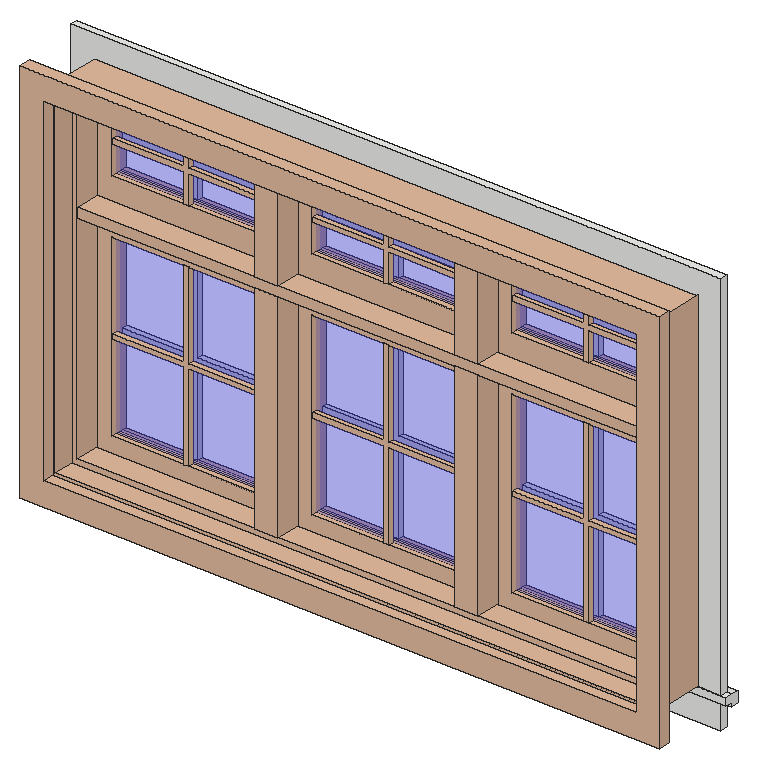
Revit family "M_Janela-batente-triplo-toldo-triplo", category Janelas, Revit 2019 (continued)
Definition of nested family "M_Moldura-janela-interior-plana"
  Dimensions and locks
    aligned and locked: plane 16 to Extrusion 4 sketch curve
    aligned and locked: plane 9 to Extrusion 4 sketch curve
    aligned and locked: Extrusion 2 sketch curve to plane 4
    aligned and locked: Extrusion 5 sketch curve to plane 4
    aligned and locked: Extrusion 5 sketch curve to plane 17
    aligned and locked: plane 10 to Extrusion 5 sketch curve
    aligned and locked: Extrusion 5 sketch curve to plane 11
    aligned and locked: plane 13 to Extrusion 5
    aligned and locked: Extrusion 5 sketch curve to plane 20
    aligned and locked: Extrusion 5 sketch curve to plane 19
    aligned and locked: Extrusion 5 sketch curve to plane 21
    aligned and locked: plane 22 to Extrusion 5 sketch curve
    aligned and locked: Extrusion 4 to plane 24
    aligned and locked: plane 11 to Extrusion 3
    aligned and locked: Extrusion 3 to plane 10
    aligned and locked: Extrusion 2 sketch curve to plane 21
    aligned and locked: Extrusion 2 sketch curve to plane 24
    aligned and locked: Extrusion 2 sketch curve to plane 19
    aligned and locked: Extrusion 2 sketch curve to plane 23
    aligned and locked: plane 12 to Extrusion 4
  Automatic sketch dimensions
    Extrusion 1 sketch curve to Extrusion 1 sketch curve = 698.5 mm
    Extrusion 1 sketch curve to Extrusion 1 sketch curve = 1003.3 mm
    Extrusion 3 sketch curve to plane 16 = 0 mm
    Extrusion 4 sketch curve to plane 11 = 12.7 mm
    Extrusion 4 sketch curve to plane 24 = 0 mm
Definition of nested family "M_Plano-Batente"
  Parameters (values of type "M_Plano-Batente")
    Janela aplicada [instance] = 25 mm
    Janela aplicada de 3D [instance] = if(Janela aplicada - 12.7 mm < 0 mm, 0 mm, if(Janela aplicada - 12.7 mm < Espessura da parede - 88.9 mm, Janela aplicada - 12.7 mm, Espessura da parede - 88.9 mm))  # 12.3 mm
    Width [instance] = 1200 mm
    Espessura da parede [instance] = 150 mm
    Linha superior [instance] = yes
    Linha à direita [instance] = yes
    RH [instance] = yes
    Linha à esquerda [instance] = yes
    LH [instance] = yes
    Height [instance] = 900 mm
    Default Elevation = 1200 mm
    Linha inferior [instance] = yes
    Analytic Construction = "<Nenhum>"
  Reference planes
    plane 1 "Centro (Frente/Trás)": y = 0
    plane 2: z = 0
    plane 3 "Centro (Esquerda/Direita)": x = 0
    plane 4: x = -600
    plane 5: x = 600
    plane 6 "Umbral": y = -101.2
    plane 7: x = -587.3
    plane 8: x = -568.25
    plane 9: y = -12.3
    plane 10: y = -56.75
    plane 11: y = -34.525
    plane 12: x = -530.15
    plane 13: x = 587.3
    plane 14: x = 568.25
    plane 15: x = 530.15
    plane 16 "Janela aplicada": y = -25
    plane 17 "Parede": y = -150
    plane 18: z = 900
    plane 19: z = 887.3
    plane 20: z = 12.7
    plane 21: z = 868.25
    plane 22: z = 31.75
    plane 23: z = 830.15
    plane 24: z = 69.85
  Lines and regions (mm)
    Masking region 1
      outline origin (0, 19.05, 0) x (1, 0, 0) y (0, 1, 0)
        loop
          line (-600, -19.05) -> (-600, -169.05) -> (600, -169.05) -> (600, -19.05) -> (-600, -19.05)
    Masking region 2
      outline origin (0, 0, 0) x (0, 1, 0) y (0, 0, 1)
        loop
          line (0, 900) -> (-150, 900) -> (-150, 0) -> (0, 0) -> (0, 900)
    symbolic lines
      curve 1: line (-587.3, -56.75, 0) -> (-568.25, -56.75, 0)
      curve 2: line (-568.25, -56.75, 0) -> (-568.25, -101.2, 0)
      curve 3: line (-587.3, -12.3, 0) -> (-587.3, -56.75, 0)
      curve 4: line (-530.15, -12.3, 0) -> (-530.15, -56.75, 0)
      curve 5: line (-530.15, -56.75, 0) -> (-568.25, -56.75, 0)
      curve 6: line (-530.15, -34.525, 0) -> (530.15, -34.525, 0)
      curve 7: line (587.3, -56.75, 0) -> (568.25, -56.75, 0)
      curve 8: line (568.25, -56.75, 0) -> (568.25, -101.2, 0)
      curve 9: line (587.3, -12.3, 0) -> (587.3, -56.75, 0)
      curve 10: line (530.15, -12.3, 0) -> (530.15, -56.75, 0)
      curve 11: line (530.15, -56.75, 0) -> (568.25, -56.75, 0)
      curve 14: line (-600, -101.2, 0) -> (-568.25, -101.2, 0)
      curve 15: line (568.25, -101.2, 0) -> (600, -101.2, 0)
      curve 16: line (568.25, -101.2, 0) -> (-568.25, -101.2, 0)
      curve 17: line (0, -12.3, 887.3) -> (0, -56.75, 887.3)
      curve 18: line (0, -56.75, 868.25) -> (0, -101.2, 868.25)
      curve 19: line (0, -12.3, 12.7) -> (0, -56.75, 12.7)
      curve 20: line (0, -56.75, 12.7) -> (0, -56.75, 69.85)
      curve 21: line (0, -56.75, 31.75) -> (0, -101.2, 31.75)
      curve 22: line (0, -12.3, 900) -> (0, -12.3, 830.15)
      curve 23: line (0, -12.3, 830.15) -> (0, -56.75, 830.15)
      curve 24: line (0, -56.75, 69.85) -> (0, -12.3, 69.85)
      curve 25: line (0, -34.525, 69.85) -> (0, -34.525, 830.15)
      curve 28: line (0, -56.75, 887.3) -> (0, -56.75, 830.15)
      curve 29: line (530.15, -12.3, 0) -> (600, -12.3, 0)
      curve 30: line (-530.15, -12.3, 0) -> (-600, -12.3, 0)
      curve 31: line (0, -12.3, 69.85) -> (0, -12.3, 0)
      curve 32: line (-530.15, -12.3, 0) -> (530.15, -12.3, 0)
      curve 33: line (0, -12.3, 830.15) -> (0, -12.3, 69.85)
      curve 38: line (0, -101.2, 31.75) -> (0, -101.2, 868.25)
      curve 39: line (0, -101.2, 31.75) -> (0, -101.2, 0)
      curve 40: line (0, -101.2, 900) -> (0, -101.2, 868.25)
    symbolic lines, visible <- "RH"
      curve 12: arc (-587.3, -12.3, 0) -> (-497.889, 437.2, 0) -> (-243.268, 818.268, 0) r 1174.6
      curve 26: line (587.3, -12.3, 0) -> (-243.268, 818.268, 0)
    symbolic lines, visible <- "LH"
      curve 13: line (-587.3, -12.3, 0) -> (243.268, 818.268, 0)
      curve 27: arc (587.3, -12.3, 0) -> (497.889, 437.2, 0) -> (243.268, 818.268, 0) r 1174.6
    symbolic lines, visible <- "Linha à direita"
      curve 34: line (600, 0, 0) -> (600, -150, 0)
    symbolic lines, visible <- "Linha à esquerda"
      curve 35: line (-600, 0, 0) -> (-600, -150, 0)
    symbolic lines, visible <- "Linha superior"
      curve 36: line (0, 0, 900) -> (0, -150, 900)
    symbolic lines, visible <- "Linha inferior"
      curve 37: line (0, 0, 0) -> (0, -150, 0)
  Dimensions and locks
    "Width": plane 4 to plane 5
    equal spacing: plane 4, plane 3 "Centro (Esquerda/Direita)", plane 5
    plane 4 to plane 7 to plane 8 = 12.7 mm locked, 19.05 mm locked
    equal spacing: plane 9, plane 11, plane 10
    locked: plane 7 to plane 12 at 57.15
    plane 5 to plane 13 to plane 14 = 12.7 mm locked, 19.05 mm locked
    locked: plane 13 to plane 15 at 57.15
    locked: plane 9 to plane 16 "Janela aplicada" at 12.7
    locked: plane 9 to plane 10 at 44.45
    "Espessura da parede": plane 17 "Parede" to plane 1 "Centro (Frente/Trás)"
    "Height": plane 18 to plane 2
    locked: plane 18 to plane 19 at 12.7
    locked: plane 20 to plane 2 at 12.7
    locked: plane 19 to plane 21 at 19.05
    locked: plane 22 to plane 20 at 19.05
    locked: plane 19 to plane 23 at 57.15
    locked: plane 24 to plane 20 at 57.15
    locked: plane 10 to plane 6 "Umbral" at 44.45
    "Janela aplicada de 3D": plane 9 to plane 1 "Centro (Frente/Trás)"
    locked: plane 9 to curve 13 (angle 45.00°)
    angle curve 26 to plane 16 "Janela aplicada" = 45.00°
    aligned and locked: plane 2 to level
    aligned and locked: curve 2 to plane 8
    aligned and locked: curve 1 to plane 10
    aligned and locked: plane 14 to curve 8
    aligned and locked: curve 14 to plane 6 "Umbral"
    aligned and locked: curve 15 to plane 6 "Umbral"
    aligned and locked: plane 21 to curve 18
    aligned and locked: plane 19 to curve 17
    aligned and locked: plane 22 to curve 21
    aligned and locked: plane 10 to curve 20
    aligned and locked: plane 20 to curve 19
    aligned and locked: curve 22 to plane 9
    aligned and locked: plane 23 to curve 23
    aligned and locked: curve 24 to plane 24
    aligned and locked: plane 11 to curve 25
    aligned and locked: plane 13 to curve 27
    aligned and locked: plane 9 to curve 13
    aligned and locked: plane 9 to curve 26
    aligned and locked: plane 5 to curve 29
    aligned and locked: plane 18 to curve 22
    aligned and locked: plane 9 to curve 17
    aligned and locked: plane 9 to curve 19
    aligned and locked: plane 9 to curve 3
    aligned and locked: plane 9 to curve 9
    aligned and locked: curve 28 to plane 10
    aligned and locked: plane 19 to curve 28
    aligned and locked: plane 23 to curve 28
    aligned and locked: plane 4 to curve 30
    aligned and locked: plane 9 to curve 31
    aligned and locked: plane 2 to curve 31
    aligned and locked: curve 32 to plane 9
    aligned and locked: plane 12 to curve 32
    aligned and locked: plane 15 to curve 32
    aligned and locked: plane 24 to curve 33
    aligned and locked: plane 1 "Centro (Frente/Trás)" to curve 34
    aligned and locked: plane 17 "Parede" to curve 34
    aligned and locked: curve 34 to plane 5
    aligned and locked: plane 17 "Parede" to curve 35
    aligned and locked: plane 1 "Centro (Frente/Trás)" to curve 35
    aligned and locked: curve 35 to plane 4
    aligned and locked: plane 17 "Parede" to curve 37
    aligned and locked: plane 1 "Centro (Frente/Trás)" to curve 37
    aligned and locked: curve 37 to plane 2
    aligned and locked: plane 17 "Parede" to curve 36
    aligned and locked: plane 1 "Centro (Frente/Trás)" to curve 36
    aligned and locked: curve 36 to plane 18
    aligned and locked: plane 1 "Centro (Frente/Trás)" to Masking region 1 sketch curve
    aligned and locked: plane 17 "Parede" to Masking region 1 sketch curve
    aligned and locked: plane 4 to Masking region 1 sketch curve
    aligned and locked: Masking region 1 sketch curve to plane 5
    aligned and locked: plane 2 to Masking region 2 sketch curve
    aligned and locked: Masking region 2 sketch curve to plane 18
    aligned and locked: plane 1 "Centro (Frente/Trás)" to Masking region 2 sketch curve
    aligned and locked: plane 17 "Parede" to Masking region 2 sketch curve
    aligned and locked: plane 6 "Umbral" to curve 21
    aligned and locked: plane 6 "Umbral" to curve 18
    aligned and locked: plane 10 to curve 18
    aligned and locked: plane 10 to curve 21
    aligned and locked: plane 22 to curve 39
    aligned and locked: plane 21 to curve 40
    aligned and locked: plane 6 "Umbral" to curve 40
  Automatic sketch dimensions
    curve 3 to plane 7 = 0 mm
    curve 27 to plane 7 = 0 mm
    curve 12 to plane 13 = 0 mm
    curve 7 to plane 10 = 0 mm
    curve 6 to plane 11 = 0 mm
Definition of nested family "M_Plano-toldo"
  Parameters (values of type "M_Plano-toldo")
    Janela aplicada [instance] = 50 mm
    Janela aplicada de 3D [instance] = if(Janela aplicada - 12.7 mm < 0 mm, 0 mm, if(Janela aplicada - 12.7 mm < Espessura da parede - 88.9 mm, Janela aplicada - 12.7 mm, Espessura da parede - 88.9 mm))  # 37.3 mm
    Width [instance] = 1200 mm
    Espessura da parede [instance] = 150 mm
    Linha superior [instance] = yes
    Rough Width = 930 mm
    Rough Height = 930 mm
    Linha à direita [instance] = yes
    Linha à esquerda [instance] = yes
    Height [instance] = 1200 mm
    Default Elevation = 1200 mm
    Linha inferior [instance] = yes
    Analytic Construction = "<Nenhum>"
  Reference planes
    plane 1 "Centro (Frente/Trás)": y = 0
    plane 2: z = 0
    plane 3 "Centro (Esquerda/Direita)": x = 0
    plane 4: x = -600
    plane 5: x = 600
    plane 6 "Umbral": y = -126.2
    plane 7: x = -587.3
    plane 8: x = -568.25
    plane 9: y = -37.3
    plane 10: y = -81.75
    plane 11: y = -59.525
    plane 12: x = -530.15
    plane 13: x = 587.3
    plane 14: x = 568.25
    plane 15: x = 530.15
    plane 16 "Janela aplicada": y = -50
    plane 17 "Parede": y = -150
    plane 18: z = 1200
    plane 19: z = 1187.3
    plane 20: z = 12.7
    plane 21: z = 1168.25
    plane 22: z = 31.75
    plane 23: z = 1130.15
    plane 24: z = 69.85
    plane 25: z = 600
  Lines and regions (mm)
    Masking region 1
      outline origin (0, 19.05, 0) x (1, 0, 0) y (0, 1, 0)
        loop
          line (-600, -169.05) -> (600, -169.05) -> (600, -19.05) -> (-600, -19.05) -> (-600, -169.05)
    Masking region 2
      outline origin (0, 0, 0) x (0, 1, 0) y (0, 0, 1)
        loop
          line (-150, 1200) -> (-150, 0) -> (0, 0) -> (0, 1200) -> (-150, 1200)
    symbolic lines
      curve 1: line (-587.3, -81.75, 0) -> (-568.25, -81.75, 0)
      curve 2: line (-568.25, -81.75, 0) -> (-568.25, -126.2, 0)
      curve 3: line (-587.3, -37.3, 0) -> (-587.3, -81.75, 0)
      curve 4: line (-530.15, -37.3, 0) -> (-530.15, -81.75, 0)
      curve 5: line (-530.15, -81.75, 0) -> (-568.25, -81.75, 0)
      curve 6: line (-530.15, -59.525, 0) -> (530.15, -59.525, 0)
      curve 7: line (568.25, -81.75, 0) -> (568.25, -126.2, 0)
      curve 8: line (587.3, -37.3, 0) -> (587.3, -81.75, 0)
      curve 9: line (530.15, -37.3, 0) -> (530.15, -81.75, 0)
      curve 10: line (530.15, -81.75, 0) -> (587.3, -81.75, 0)
      curve 11: line (-600, -126.2, 0) -> (-568.25, -126.2, 0)
      curve 12: line (568.25, -126.2, 0) -> (-568.25, -126.2, 0)
      curve 13: line (0, -81.75, 1168.25) -> (0, -126.2, 1168.25)
      curve 14: line (0, -126.2, 0) -> (0, -126.2, 31.75)
      curve 15: line (0, -37.3, 12.7) -> (0, -81.75, 12.7)
      curve 16: line (0, -81.75, 12.7) -> (0, -81.75, 69.85)
      curve 17: line (0, -81.75, 31.75) -> (0, -126.2, 31.75)
      curve 18: line (0, -37.3, 1200) -> (0, -37.3, 1130.15)
      curve 19: line (0, -37.3, 1130.15) -> (0, -81.75, 1130.15)
      curve 20: line (0, -81.75, 69.85) -> (0, -37.3, 69.85)
      curve 21: line (0, -59.525, 69.85) -> (0, -59.525, 1130.15)
      curve 22: line (0, -81.75, 1187.3) -> (0, -81.75, 1130.15)
      curve 23: line (530.15, -37.3, 0) -> (600, -37.3, 0)
      curve 24: line (530.15, -37.3, 0) -> (-530.15, -37.3, 0)
      curve 25: line (0, -37.3, 69.85) -> (0, -37.3, 0)
      curve 26: line (-530.15, -37.3, 0) -> (-600, -37.3, 0)
      curve 27: line (0, -37.3, 1130.15) -> (0, -37.3, 69.85)
      curve 32: line (568.25, -126.2, 0) -> (600, -126.2, 0)
      curve 33: line (0, -37.3, 1187.3) -> (0, -81.75, 1187.3)
      curve 34: line (0, -126.2, 1168.25) -> (0, -126.2, 1200)
      curve 35: line (0, -126.2, 31.75) -> (0, -126.2, 1168.25)
      curve 36: line (0, -81.75, 1187.3) -> (0, 505.55, 170.067)
      curve 37: arc (0, -81.75, 12.7) -> (0, 222.259, 52.724) -> (0, 505.55, 170.067) r 1174.6
    symbolic lines, visible <- "Linha superior"
      curve 28: line (0, 0, 1200) -> (0, -150, 1200)
    symbolic lines, visible <- "Linha inferior"
      curve 29: line (0, 0, 0) -> (0, -150, 0)
    symbolic lines, visible <- "Linha à esquerda"
      curve 30: line (-600, 0, 0) -> (-600, -150, 0)
    symbolic lines, visible <- "Linha à direita"
      curve 31: line (600, 0, 0) -> (600, -150, 0)
  Dimensions and locks
    "Width": plane 4 to plane 5
    equal spacing: plane 4, plane 3 "Centro (Esquerda/Direita)", plane 5
    plane 4 to plane 7 to plane 8 = 12.7 mm locked, 19.05 mm locked
    equal spacing: plane 9, plane 11, plane 10
    locked: plane 7 to plane 12 at 57.15
    plane 5 to plane 13 to plane 14 = 12.7 mm locked, 19.05 mm locked
    locked: plane 13 to plane 15 at 57.15
    locked: plane 9 to plane 16 "Janela aplicada" at 12.7
    locked: plane 9 to plane 10 at 44.45
    "Espessura da parede": plane 17 "Parede" to plane 1 "Centro (Frente/Trás)"
    "Height": plane 18 to plane 2
    locked: plane 18 to plane 19 at 12.7
    locked: plane 20 to plane 2 at 12.7
    locked: plane 19 to plane 21 at 19.05
    locked: plane 22 to plane 20 at 19.05
    locked: plane 19 to plane 23 at 57.15
    locked: plane 24 to plane 20 at 57.15
    locked: plane 10 to plane 6 "Umbral" at 44.45
    "Janela aplicada de 3D": plane 9 to plane 1 "Centro (Frente/Trás)"
    equal spacing: plane 18, plane 25, plane 2
    locked: plane 10 to curve 36 (angle 30.00°)
    aligned and locked: plane 2 to level
    aligned and locked: curve 2 to plane 8
    aligned and locked: curve 1 to plane 10
    aligned and locked: plane 4 to Masking region 1 sketch curve
    aligned and locked: Masking region 1 sketch curve to plane 5
    aligned and locked: plane 14 to curve 7
    aligned and locked: Masking region 1 sketch curve to plane 17 "Parede"
    aligned and locked: plane 1 "Centro (Frente/Trás)" to Masking region 1 sketch curve
    aligned and locked: Masking region 2 sketch curve to plane 18
    aligned and locked: plane 17 "Parede" to Masking region 2 sketch curve
    aligned and locked: level to Masking region 2 sketch curve
    aligned and locked: plane 6 "Umbral" to curve 14
    aligned and locked: plane 21 to curve 13
    aligned and locked: plane 22 to curve 17  (x2)
    aligned and locked: plane 10 to curve 16  (x2)
    aligned and locked: plane 20 to curve 15
    aligned and locked: curve 18 to plane 9
    aligned and locked: plane 23 to curve 19
    aligned and locked: curve 20 to plane 24
    aligned and locked: plane 11 to curve 21
    aligned and locked: plane 18 to curve 18
    aligned and locked: plane 9 to curve 15
    aligned and locked: plane 9 to curve 3
    aligned and locked: plane 19 to curve 22
    aligned and locked: plane 23 to curve 22
    aligned and locked: plane 9 to curve 24
    aligned and locked: plane 4 to curve 26
    aligned and locked: plane 9 to curve 25
    aligned and locked: plane 2 to curve 25
    aligned and locked: curve 4 to plane 12
    aligned and locked: plane 24 to curve 27
    aligned and locked: plane 1 "Centro (Frente/Trás)" to curve 28
    aligned and locked: plane 17 "Parede" to curve 28
    aligned and locked: curve 28 to plane 18
    aligned and locked: plane 17 "Parede" to curve 29
    aligned and locked: plane 1 "Centro (Frente/Trás)" to curve 29
    aligned and locked: curve 29 to plane 2
    aligned and locked: plane 4 to curve 11
    aligned and locked: plane 17 "Parede" to curve 31
    aligned and locked: curve 31 to plane 5
    aligned and locked: plane 5 to curve 32
    aligned and locked: plane 14 to curve 32
    aligned and locked: curve 32 to plane 6 "Umbral"
    aligned and locked: plane 17 "Parede" to curve 30
    aligned and locked: plane 9 to curve 33
    aligned and locked: plane 10 to curve 33
    aligned and locked: curve 33 to plane 19
    aligned and locked: plane 1 "Centro (Frente/Trás)" to curve 31
    aligned and locked: plane 1 "Centro (Frente/Trás)" to curve 30
    aligned and locked: plane 21 to curve 34
    aligned and locked: curve 35 to plane 6 "Umbral"
    aligned and locked: curve 34 to plane 6 "Umbral"
    aligned and locked: plane 20 to curve 37
    aligned and locked: plane 19 to curve 37
    aligned and locked: plane 10 to curve 37
  Automatic sketch dimensions
    curve 3 to plane 7 = 0 mm
    curve 9 to plane 15 = 0 mm
    curve 8 to plane 10 = 0 mm
    curve 8 to plane 13 = 0 mm
    curve 6 to plane 11 = 0 mm
    Masking region 2 sketch curve to plane 1 "Centro (Frente/Trás)" = 0 mm
Types in the file's own list only (14): name | Visibilidade do montante lateral superior | Visibilidade do montante central superior | Um terceiro da largura | Transmissão de luz visual | Resistência térmica (R) | Coeficiente de ganho de calor solar | Largura do caixilho | Largura bruta | Altura bruta | Altura da janela aberta | Visibilidade do montante lateral inferior | Visibilidade do montante central inferior | Padrão do montante | Altura | Coeficiente de transferência de calor (U) | Largura
  1550 x 1050mm | Sim | Sim | 517 mm | 0.81 | 0.3196 (m²·K)/W | 0.76 | 496 mm | 1565 mm | 1065 mm | 750 mm | Sim | Sim | M_Padrão do montante_2x2 | 1050 mm | 3.1293 W/(m²·K) | 1550 mm
  1550 x 1200mm | Sim | Sim | 517 mm | 0.81 | 0.3196 (m²·K)/W | 0.76 | 496 mm | 1565 mm | 1215 mm | 900 mm | Sim | Sim | M_Padrão do montante_2x2 | 1200 mm | 3.1293 W/(m²·K) | 1550 mm
  1550 x 1350mm | Sim | Sim | 517 mm | 0.81 | 0.3196 (m²·K)/W | 0.76 | 496 mm | 1565 mm | 1365 mm | 1050 mm | Sim | Sim | M_Padrão do montante_2x2 | 1350 mm | 3.1293 W/(m²·K) | 1550 mm
  1550 x 1500mm | Sim | Sim | 517 mm | 0.81 | 0.3196 (m²·K)/W | 0.76 | 496 mm | 1565 mm | 1515 mm | 1200 mm | Sim | Sim | M_Padrão do montante_2x2 | 1500 mm | 3.1293 W/(m²·K) | 1550 mm
  1800 x 900mm | Sim | Sim | 600 mm | 0.81 | 0.3196 (m²·K)/W | 0.76 | 579 mm | 1815 mm | 915 mm | 600 mm | Sim | Sim | M_Padrão do montante_2x2 | 900 mm | 3.1293 W/(m²·K) | 1800 mm
  1800 x 1050mm | Sim | Sim | 600 mm | 0.81 | 0.3196 (m²·K)/W | 0.76 | 579 mm | 1815 mm | 1065 mm | 750 mm | Sim | Sim | M_Padrão do montante_2x2 | 1050 mm | 3.1293 W/(m²·K) | 1800 mm
  1800 x 1200mm | Sim | Sim | 600 mm | 0.81 | 0.3196 (m²·K)/W | 0.76 | 579 mm | 1815 mm | 1215 mm | 900 mm | Sim | Sim | M_Padrão do montante_2x2 | 1200 mm | 3.1293 W/(m²·K) | 1800 mm
  1800 x 1350mm | Sim | Sim | 600 mm | 0.81 | 0.3196 (m²·K)/W | 0.76 | 579 mm | 1815 mm | 1365 mm | 1050 mm | Sim | Sim | M_Padrão do montante_2x2 | 1350 mm | 3.1293 W/(m²·K) | 1800 mm
  1800 x 1500mm | Sim | Sim | 600 mm | 0.81 | 0.3196 (m²·K)/W | 0.76 | 579 mm | 1815 mm | 1515 mm | 1200 mm | Sim | Sim | M_Padrão do montante_2x2 | 1500 mm | 3.1293 W/(m²·K) | 1800 mm
  2150 x 900mm | Sim | Sim | 717 mm | 0.81 | 0.3196 (m²·K)/W | 0.76 | 696 mm | 2165 mm | 915 mm | 600 mm | Sim | Sim | M_Padrão do montante_2x2 | 900 mm | 3.1293 W/(m²·K) | 2150 mm
  2150 x 1050mm | Sim | Sim | 717 mm | 0.81 | 0.3196 (m²·K)/W | 0.76 | 696 mm | 2165 mm | 1065 mm | 750 mm | Sim | Sim | M_Padrão do montante_2x2 | 1050 mm | 3.1293 W/(m²·K) | 2150 mm
  2150 x 1200mm | Sim | Sim | 717 mm | 0.81 | 0.3196 (m²·K)/W | 0.76 | 696 mm | 2165 mm | 1215 mm | 900 mm | Sim | Sim | M_Padrão do montante_2x2 | 1200 mm | 3.1293 W/(m²·K) | 2150 mm
  2150 x 1350mm | Sim | Sim | 717 mm | 0.81 | 0.3196 (m²·K)/W | 0.76 | 696 mm | 2165 mm | 1365 mm | 1050 mm | Sim | Sim | M_Padrão do montante_2x2 | 1350 mm | 3.1293 W/(m²·K) | 2150 mm
  2150 x 1500mm | Sim | Sim | 717 mm | 0.81 | 0.3196 (m²·K)/W | 0.76 | 696 mm | 2165 mm | 1515 mm | 1200 mm | Sim | Sim | M_Padrão do montante_2x2 | 1500 mm | 3.1293 W/(m²·K) | 2150 mm
